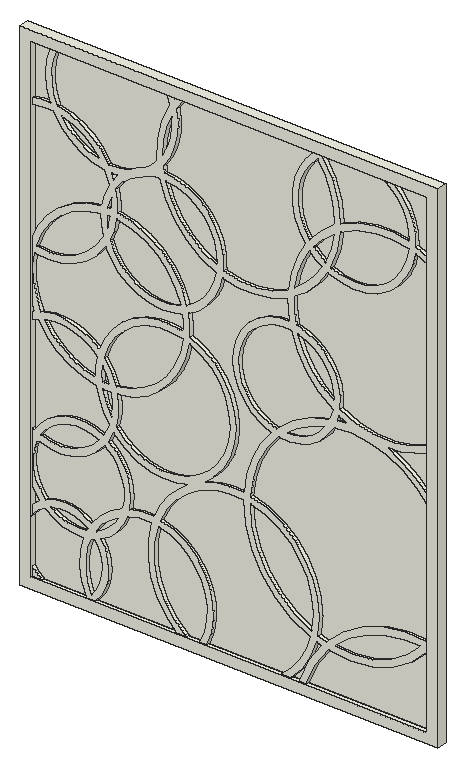
Revit family
Reference planes
  plane 1 "Center (Front/Back)": y = 0
  plane 2: z = 0
  plane 3 "Center (Left/Right)": x = 0
Forms (mm)
  Extrusion 1, solid, material "_panel frame"
    sketch origin (-200, 0, 0) x (1, 0, 0) y (0, 1, 0)
      loop
        line (-900, -25) -> (1100, -25) -> (1100, 25) -> (-900, 25) -> (-900, -25)
    from 0 to 2400
  Extrusion 2, void
    sketch origin (0, 0, 0) x (1, 0, 0) y (0, 0, 1)
      loop
        line (850, 2350) -> (-1050, 2350) -> (-1050, 50) -> (850, 50) -> (850, 2350)
    from 0 to 2400
  Extrusion 3, solid, material "_panel frame"
    sketch origin (0, 0, 0) x (1, 0, 0) y (0, 0, 1)
      loop
        line (-928.545, 2350) -> (-961.106, 2350)
        arc (-961.106, 2350) -> (-983.646, 2232.175) -> (-960.907, 2114.388) r 317.822
        arc (-960.907, 2114.388) -> (-1005.715, 2113.416) -> (-1050, 2106.525) r 338.108
        line (-1050, 2106.525) -> (-1050, 2075.704)
        arc (-1050, 2075.704) -> (-998.564, 2083.897) -> (-946.483, 2083.309) r 308.108
        arc (-946.483, 2083.309) -> (-844.619, 1969.683) -> (-701.535, 1916.634) r 317.822
        arc (-701.535, 1916.634) -> (-688.673, 1887.881) -> (-678.815, 1857.966) r 308.108
        arc (-678.815, 1857.966) -> (-701.916, 1808.493) -> (-715.492, 1755.608) r 294.644
        arc (-715.492, 1755.608) -> (-919.231, 1677.958) -> (-1050, 1503.49) r 392.12
        line (-1050, 1503.49) -> (-1050, 1226.146)
        arc (-1050, 1226.146) -> (-1042.565, 1207.883) -> (-1034.222, 1190.017) r 392.12
        arc (-1034.222, 1190.017) -> (-1042.162, 1186.673) -> (-1050, 1183.097) r 292.608
        line (-1050, 1183.097) -> (-1050, 1149.458)
        arc (-1050, 1149.458) -> (-1035.08, 1156.959) -> (-1019.713, 1163.497) r 262.608
        arc (-1019.713, 1163.497) -> (-900.765, 1038.578) -> (-739.72, 976.79) r 392.12
        arc (-739.72, 976.79) -> (-717.94, 898.729) -> (-678.149, 828.128) r 336.907
        arc (-678.149, 828.128) -> (-690.794, 799.214) -> (-706.815, 772.026) r 262.608
        arc (-706.815, 772.026) -> (-890.222, 792.734) -> (-1037.612, 681.635) r 249.32
        arc (-1037.612, 681.635) -> (-1043.848, 684.709) -> (-1050, 687.946) r 262.608
        line (-1050, 687.946) -> (-1050, 445.873)
        arc (-1050, 445.873) -> (-1032.562, 414.854) -> (-1010.885, 386.633) r 249.32
        arc (-1010.885, 386.633) -> (-1031.336, 372.297) -> (-1050, 355.701) r 216.468
        line (-1050, 355.701) -> (-1050, 309.186)
        arc (-1050, 309.186) -> (-1022.569, 340.414) -> (-988.901, 364.79) r 186.468
        arc (-988.901, 364.79) -> (-900.57, 314.798) -> (-799.632, 304.155) r 249.32
        arc (-799.632, 304.155) -> (-819.815, 176.528) -> (-787.927, 51.311) r 320.298
        arc (-787.927, 51.311) -> (-788.845, 50.653) -> (-789.767, 50) r 186.468
        line (-789.767, 50) -> (-743.438, 50)
        arc (-743.438, 50) -> (-681.411, 183.722) -> (-719.385, 326.155) r 216.468
        arc (-719.385, 326.155) -> (-640.674, 383.807) -> (-590.114, 467.251) r 249.32
        arc (-590.114, 467.251) -> (-532.77, 479.766) -> (-474.08, 480.49) r 290.298
        arc (-474.08, 480.49) -> (-478.585, 247.833) -> (-356.061, 50) r 411.11
        line (-356.061, 50) -> (-308.567, 50)
        arc (-308.567, 50) -> (-445.333, 241.159) -> (-443.938, 476.2) r 381.11
        arc (-443.938, 476.2) -> (-236.502, 313.468) -> (-246.294, 50) r 290.298
        line (-246.294, 50) -> (-212.434, 50)
        arc (-212.434, 50) -> (-211.75, 331.279) -> (-433.258, 504.636) r 320.298
        arc (-433.258, 504.636) -> (-272.164, 686.865) -> (-33.657, 734.547) r 381.11
        arc (-33.657, 734.547) -> (51.851, 446.371) -> (286.023, 257.902) r 504.776
        arc (286.023, 257.902) -> (232.841, 141.925) -> (144.359, 50) r 381.11
        line (144.359, 50) -> (191.852, 50)
        arc (191.852, 50) -> (267.37, 140.011) -> (314.342, 247.708) r 411.11
        arc (314.342, 247.708) -> (326.736, 243.836) -> (339.225, 240.283) r 504.776
        arc (339.225, 240.283) -> (276.425, 150.372) -> (232.23, 50) r 563.536
        line (232.23, 50) -> (263.903, 50)
        arc (263.903, 50) -> (308.954, 146.703) -> (372.344, 232.509) r 533.536
        arc (372.344, 232.509) -> (632.788, 249.366) -> (850, 394.053) r 504.776
        line (850, 394.053) -> (850, 441.486)
        arc (850, 441.486) -> (846.599, 437.035) -> (843.145, 432.625) r 474.776
        arc (843.145, 432.625) -> (582.645, 406.479) -> (362.072, 265.441) r 563.536
        arc (362.072, 265.441) -> (341.529, 270.775) -> (321.245, 277.021) r 474.776
        arc (321.245, 277.021) -> (259.325, 585.521) -> (-2.603, 759.878) r 411.11
        arc (-2.603, 759.878) -> (38.569, 923.38) -> (134.285, 1062.182) r 474.776
        arc (134.285, 1062.182) -> (287.733, 1087.726) -> (398.684, 1196.762) r 258.299
        arc (398.684, 1196.762) -> (649.621, 1167.459) -> (850, 1013.587) r 474.776
        line (850, 1013.587) -> (850, 1061.02)
        arc (850, 1061.02) -> (758.361, 1142.582) -> (649.753, 1199.629) r 504.776
        arc (649.753, 1199.629) -> (752.559, 1212.48) -> (850, 1247.689) r 466.831
        line (850, 1247.689) -> (850, 1281.419)
        arc (850, 1281.419) -> (637.777, 1229.628) -> (427.014, 1287.07) r 436.831
        arc (427.014, 1287.07) -> (378.522, 1471.126) -> (217.11, 1571.992) r 258.299
        arc (217.11, 1571.992) -> (208.152, 1631.849) -> (207.553, 1692.369) r 436.831
        arc (207.553, 1692.369) -> (298.648, 1760.792) -> (369.207, 1850.243) r 441.606
        arc (369.207, 1850.243) -> (636.192, 1858.795) -> (787.676, 2078.81) r 296.136
        arc (787.676, 2078.81) -> (819.373, 2066.331) -> (850, 2051.419) r 436.831
        line (850, 2051.419) -> (850, 2085.149)
        arc (850, 2085.149) -> (820.541, 2098.423) -> (790.235, 2109.626) r 466.831
        arc (790.235, 2109.626) -> (763.056, 2242.921) -> (679.148, 2350) r 296.136
        line (679.148, 2350) -> (625.858, 2350)
        arc (625.858, 2350) -> (724.37, 2252.36) -> (760.374, 2118.412) r 266.136
        arc (760.374, 2118.412) -> (592.724, 2130.468) -> (431.671, 2082.366) r 466.831
        arc (431.671, 2082.366) -> (408.642, 2217.579) -> (345.237, 2339.204) r 441.606
        arc (345.237, 2339.204) -> (353.824, 2344.769) -> (362.619, 2350) r 266.136
        line (362.619, 2350) -> (297.901, 2350)
        arc (297.901, 2350) -> (300.302, 2347.272) -> (302.678, 2344.523) r 411.606
        arc (302.678, 2344.523) -> (199.563, 2148.066) -> (261.864, 1935.118) r 296.136
        arc (261.864, 1935.118) -> (205.802, 1828.448) -> (178.913, 1710.981) r 466.831
        arc (178.913, 1710.981) -> (26.656, 1666.747) -> (-131.025, 1683.346) r 411.606
        arc (-131.025, 1683.346) -> (-204.071, 1904.573) -> (-414.956, 2003.592) r 294.644
        arc (-414.956, 2003.592) -> (-417.268, 2017.821) -> (-419.081, 2032.122) r 411.606
        arc (-419.081, 2032.122) -> (-356.597, 2159.033) -> (-355.371, 2300.486) r 317.822
        arc (-355.371, 2300.486) -> (-337.472, 2325.956) -> (-317.699, 2350) r 411.606
        line (-317.699, 2350) -> (-356.796, 2350)
        arc (-356.796, 2350) -> (-361.452, 2343.984) -> (-366.004, 2337.888) r 441.606
        arc (-366.004, 2337.888) -> (-368.211, 2343.967) -> (-370.542, 2350) r 317.822
        line (-370.542, 2350) -> (-403.104, 2350)
        arc (-403.104, 2350) -> (-394.392, 2328.183) -> (-387.488, 2305.729) r 287.822
        arc (-387.488, 2305.729) -> (-439.563, 2178.729) -> (-450.128, 2041.875) r 441.606
        arc (-450.128, 2041.875) -> (-477.478, 2014.804) -> (-508.194, 1991.624) r 287.822
        arc (-508.194, 1991.624) -> (-547.905, 1976.679) -> (-585.058, 1956.186) r 294.644
        arc (-585.058, 1956.186) -> (-633.486, 1946.444) -> (-682.866, 1945.127) r 287.822
        arc (-682.866, 1945.127) -> (-785.783, 2056.149) -> (-926.832, 2111.132) r 338.108
        arc (-926.832, 2111.132) -> (-953.639, 2230.38) -> (-928.545, 2350) r 287.822
      loop
        arc (-908.169, 2077.168) -> (-827.742, 1994.485) -> (-721.31, 1950.021) r 287.822
        arc (-721.31, 1950.021) -> (-802.66, 2031.347) -> (-908.169, 2077.168) r 308.108
      loop
        arc (-667.33, 1914.625) -> (-662.094, 1902.26) -> (-657.352, 1889.697) r 338.108
        arc (-657.352, 1889.697) -> (-646.133, 1903.3) -> (-634.12, 1916.207) r 294.644
        arc (-634.12, 1916.207) -> (-650.705, 1914.982) -> (-667.33, 1914.625) r 317.822
      loop
        arc (-638.613, 1754.393) -> (-429.586, 1663.864) -> (-306.151, 1472.419) r 392.12
        arc (-306.151, 1472.419) -> (-212.477, 1550.784) -> (-163.967, 1662.868) r 264.644
        arc (-163.967, 1662.868) -> (-340.335, 1783.762) -> (-439.232, 1973.34) r 441.606
        arc (-439.232, 1973.34) -> (-467.699, 1970.206) -> (-495.66, 1964.013) r 264.644
        arc (-495.66, 1964.013) -> (-532.755, 1943.82) -> (-572.201, 1928.724) r 317.822
        arc (-572.201, 1928.724) -> (-613.249, 1894.645) -> (-646.629, 1853.026) r 264.644
        arc (-646.629, 1853.026) -> (-638.993, 1804.004) -> (-638.613, 1754.393) r 338.108
      loop
        arc (-674.789, 1623.01) -> (-538.469, 1470.239) -> (-333.954, 1460.448) r 264.644
        arc (-333.954, 1460.448) -> (-447.47, 1639.688) -> (-641.911, 1724.574) r 362.12
        arc (-641.911, 1724.574) -> (-654.316, 1672.486) -> (-674.789, 1623.01) r 338.108
      loop
        arc (-669.592, 1809.036) -> (-678.549, 1783.377) -> (-684.826, 1756.935) r 264.644
        arc (-684.826, 1756.935) -> (-676.676, 1756.883) -> (-668.528, 1756.663) r 392.12
        arc (-668.528, 1756.663) -> (-667.945, 1782.872) -> (-669.592, 1809.036) r 308.108
      loop
        arc (-671.942, 1726.762) -> (-680.263, 1726.926) -> (-688.586, 1726.898) r 362.12
        arc (-688.586, 1726.898) -> (-688.992, 1699.013) -> (-686.462, 1671.241) r 264.644
        arc (-686.462, 1671.241) -> (-677.906, 1698.663) -> (-671.942, 1726.762) r 308.108
      loop
        arc (-718.745, 1725.191) -> (-911.69, 1645.766) -> (-1028.782, 1473.065) r 362.12
        arc (-1028.782, 1473.065) -> (-843.673, 1498.367) -> (-707.216, 1625.981) r 308.108
        arc (-707.216, 1625.981) -> (-717.215, 1675.094) -> (-718.745, 1725.191) r 294.644
      loop
        arc (-694.042, 1590.008) -> (-843.398, 1465.592) -> (-1036.58, 1443.982) r 338.108
        arc (-1036.58, 1443.982) -> (-1042.457, 1319.223) -> (-1005.599, 1199.887) r 362.12
        arc (-1005.599, 1199.887) -> (-857.35, 1203.467) -> (-726.385, 1133.907) r 292.608
        arc (-726.385, 1133.907) -> (-567.255, 1323.822) -> (-321.274, 1353.55) r 336.907
        arc (-321.274, 1353.55) -> (-322.154, 1392.437) -> (-327.199, 1431.005) r 362.12
        arc (-327.199, 1431.005) -> (-541.717, 1438.763) -> (-694.042, 1590.008) r 294.644
      loop
        arc (-291.636, 1344.305) -> (-71.334, 1060.106) -> (-233.037, 738.93) r 336.907
        arc (-233.037, 738.93) -> (-134.294, 764.313) -> (-32.342, 764.616) r 411.11
        arc (-32.342, 764.616) -> (7.914, 928.246) -> (99.784, 1069.509) r 504.776
        arc (99.784, 1069.509) -> (-84.098, 1361.121) -> (185.666, 1575.779) r 258.299
        arc (185.666, 1575.779) -> (178.54, 1625.936) -> (176.892, 1676.57) r 466.831
        arc (176.892, 1676.57) -> (22.962, 1636.345) -> (-135.234, 1653.28) r 441.606
        arc (-135.234, 1653.28) -> (-191.851, 1528.355) -> (-298.89, 1442.596) r 294.644
        arc (-298.89, 1442.596) -> (-292.162, 1393.679) -> (-291.636, 1344.305) r 392.12
      loop
        arc (-323.513, 1323.072) -> (-557.492, 1294.94) -> (-702.545, 1109.207) r 306.907
        arc (-702.545, 1109.207) -> (-668.374, 1059.931) -> (-644.965, 1004.724) r 292.608
        arc (-644.965, 1004.724) -> (-428.407, 1107.521) -> (-323.513, 1323.072) r 362.12
      loop
        arc (-735.521, 1100.899) -> (-853.181, 1171.399) -> (-990.337, 1172.96) r 262.608
        arc (-990.337, 1172.96) -> (-884.421, 1063.738) -> (-742.988, 1007.664) r 362.12
        arc (-742.988, 1007.664) -> (-742.506, 1054.542) -> (-735.521, 1100.899) r 336.907
      loop
        arc (-675.856, 1002.772) -> (-690.713, 1038.033) -> (-710.537, 1070.76) r 262.608
        arc (-710.537, 1070.76) -> (-713.426, 1037.386) -> (-712.661, 1003.896) r 306.907
        arc (-712.661, 1003.896) -> (-694.272, 1002.866) -> (-675.856, 1002.772) r 362.12
      loop
        arc (-463.661, 509.585) -> (-392.897, 625.638) -> (-288.157, 712.272) r 411.11
        arc (-288.157, 712.272) -> (-486.076, 700.229) -> (-656.49, 801.597) r 336.907
        arc (-656.49, 801.597) -> (-667.868, 778.394) -> (-681.249, 756.286) r 292.608
        arc (-681.249, 756.286) -> (-592.653, 643.913) -> (-580.434, 501.337) r 249.32
        arc (-580.434, 501.337) -> (-522.427, 510.841) -> (-463.661, 509.585) r 320.298
      loop
        arc (-637.573, 975.363) -> (-632.397, 904.152) -> (-644.621, 833.808) r 292.608
        arc (-644.621, 833.808) -> (-158.809, 846.662) -> (-294.496, 1313.317) r 306.907
        arc (-294.496, 1313.317) -> (-408.042, 1085.469) -> (-637.573, 975.363) r 392.12
      loop
        arc (-708.772, 973.531) -> (-693.209, 917.693) -> (-667.423, 865.777) r 306.907
        arc (-667.423, 865.777) -> (-662.036, 919.405) -> (-667.711, 973.004) r 262.608
        arc (-667.711, 973.004) -> (-688.248, 972.73) -> (-708.772, 973.531) r 392.12
      loop
        arc (-725.25, 747.807) -> (-882.314, 763.795) -> (-1009.423, 670.156) r 219.32
        arc (-1009.423, 670.156) -> (-855.423, 665.382) -> (-725.25, 747.807) r 262.608
      loop
        arc (-1023.949, 643.462) -> (-1040.815, 516.024) -> (-983.369, 401.025) r 219.32
        arc (-983.369, 401.025) -> (-869.661, 417.232) -> (-763.668, 372.988) r 216.468
        arc (-763.668, 372.988) -> (-697.783, 443.168) -> (-614.021, 490.602) r 320.298
        arc (-614.021, 490.602) -> (-617.653, 625.128) -> (-699.167, 732.208) r 219.32
        arc (-699.167, 732.208) -> (-847.515, 636.442) -> (-1023.949, 643.462) r 292.608
      loop
        arc (-408.286, 1973.249) -> (-317.887, 1803.664) -> (-160.351, 1693.603) r 411.606
        arc (-160.351, 1693.603) -> (-226.519, 1884.671) -> (-408.286, 1973.249) r 264.644
      loop
        arc (321.363, 2321.032) -> (229.781, 2148.532) -> (280.619, 1959.96) r 266.136
        arc (280.619, 1959.96) -> (336.512, 2018.016) -> (401.556, 2065.593) r 466.831
        arc (401.556, 2065.593) -> (382.809, 2200.015) -> (321.363, 2321.032) r 411.606
      loop
        arc (383.745, 1876.575) -> (624.916, 1886.845) -> (758.581, 2087.849) r 266.136
        arc (758.581, 2087.849) -> (590.751, 2100.04) -> (430.764, 2047.886) r 436.831
        arc (430.764, 2047.886) -> (415.958, 1959.842) -> (383.745, 1876.575) r 441.606
      loop
        arc (342.651, 1864.293) -> (310.911, 1886.122) -> (282.273, 1911.888) r 296.136
        arc (282.273, 1911.888) -> (236.502, 1824.792) -> (211.384, 1729.662) r 436.831
        arc (211.384, 1729.662) -> (284.808, 1789.381) -> (342.651, 1864.293) r 411.606
      loop
        arc (398.84, 2028.231) -> (345.994, 1986.176) -> (300.262, 1936.477) r 436.831
        arc (300.262, 1936.477) -> (327.143, 1911.548) -> (357.195, 1890.55) r 266.136
        arc (357.195, 1890.55) -> (384.079, 1957.557) -> (398.84, 2028.231) r 411.606
      loop
        arc (398.488, 1304.846) -> (354.369, 1453.332) -> (225.632, 1539.479) r 228.299
        arc (225.632, 1539.479) -> (291.916, 1407.323) -> (398.488, 1304.846) r 436.831
      loop
        arc (192.812, 1545.134) -> (-55.145, 1352.22) -> (124.311, 1094.356) r 228.299
        arc (124.311, 1094.356) -> (242.094, 1177.39) -> (378.539, 1223.759) r 504.776
        arc (378.539, 1223.759) -> (387.684, 1247.358) -> (394.161, 1271.825) r 228.299
        arc (394.161, 1271.825) -> (267.763, 1389.529) -> (192.812, 1545.134) r 466.831
      loop
        arc (421.31, 1255.916) -> (417.554, 1242.33) -> (413.063, 1228.968) r 258.299
        arc (413.063, 1228.968) -> (442.438, 1231.5) -> (471.911, 1232.312) r 504.776
        arc (471.911, 1232.312) -> (446.257, 1243.357) -> (421.31, 1255.916) r 466.831
      loop
        arc (292.709, 287.537) -> (234.41, 568.811) -> (-3.701, 729.487) r 381.11
        arc (-3.701, 729.487) -> (76.766, 463.081) -> (292.709, 287.537) r 474.776
      loop
        arc (358.887, 1188.868) -> (255.703, 1150.654) -> (164.086, 1089.714) r 474.776
        arc (164.086, 1089.714) -> (274.125, 1114.462) -> (358.887, 1188.868) r 228.299
      loop
        arc (819.626, 405.168) -> (592.493, 378.142) -> (397.551, 258.487) r 533.536
        arc (397.551, 258.487) -> (626.923, 279.07) -> (819.626, 405.168) r 474.776
      loop
        arc (-764.715, 310.186) -> (-790.157, 190.833) -> (-764.299, 71.57) r 290.298
        arc (-764.299, 71.57) -> (-710.999, 190.228) -> (-748.245, 314.86) r 186.468
        arc (-748.245, 314.86) -> (-756.44, 312.382) -> (-764.715, 310.186) r 249.32
      loop
        arc (-630.043, 450.811) -> (-691.979, 408.97) -> (-741.18, 352.702) r 290.298
        arc (-741.18, 352.702) -> (-740.038, 351.508) -> (-738.905, 350.305) r 216.468
        arc (-738.905, 350.305) -> (-675.73, 391.087) -> (-630.043, 450.811) r 219.32
      loop
        arc (-779.606, 347.33) -> (-864.974, 386.192) -> (-958.463, 378.575) r 186.468
        arc (-958.463, 378.575) -> (-876.41, 339.142) -> (-785.415, 336.423) r 219.32
        arc (-785.415, 336.423) -> (-782.563, 341.905) -> (-779.606, 347.33) r 320.298
      loop
        line (-1050, 95.826) -> (-1050, 50) -> (-1004.359, 50)
        arc (-1004.359, 50) -> (-1029.181, 70.919) -> (-1050, 95.826) r 186.468
      loop
        arc (-421.489, 2080.319) -> (-385.785, 2165.962) -> (-379.185, 2258.515) r 287.822
        arc (-379.185, 2258.515) -> (-410.374, 2171.8) -> (-421.489, 2080.319) r 411.606
    from -10 to 15
  Extrusion 4, solid, material "_frosted glass"
    sketch origin (0, 0, 0) x (1, 0, 0) y (0, 0, 1)
      loop
        line (-1050, 2350) -> (-1050, 50) -> (850, 50) -> (850, 2350) -> (-1050, 2350)
    from -5 to 8
Cuts and joins
  Extrusion 2 cuts Extrusion 1
Lines and regions (mm)
  sketch lines
    curve 1: line (-2000, 2000, 0) -> (2000, 2000, 0)
    curve 2: line (-2000, 2000, 0) -> (-2000, -2000, 0)
    curve 3: line (-2000, -2000, 0) -> (2000, -2000, 0)
    curve 4: line (2000, 2000, 0) -> (2000, -2000, 0)
